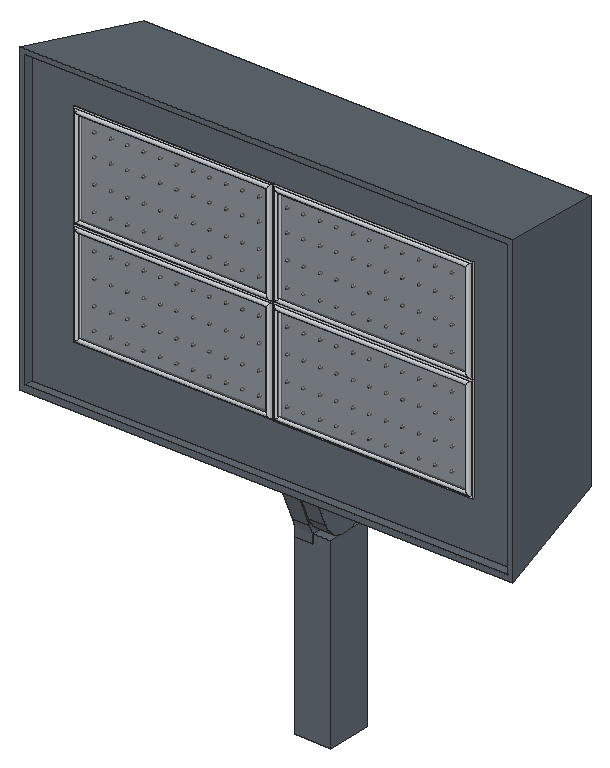
Revit family "RFL4", category Lighting Fixtures, host Face, Revit 2021
Family settings
  Host = Face
  Round Connector Dimension = Use Diameter
  Part Type = Normal
  OmniClass Number = 23.80.70.11.14.17
  OmniClass Title = Direct/Indirect
  Cut with Voids When Loaded = No
  Light Source = Yes
  Shared = Yes
  Room Calculation Point = No
Parameters (values of type "RFL4")
  Width 1 = 5.000"
  Width = 11.630"
  Watts = 120 W
  Wattage Comments = "120W"
  Wattage = 120 W
  Warranty = "5 years Warranty"  # constant formula
  built-in parameter 1150110 = 1 (stored number, unit not read)
  Voltage = 120 V
  URL = "https://www.currentlighting.com/exo"
  built-in parameter 1114217 = 1 (stored number, unit not read)
  Tilt Angle = 0.00°
  built-in parameter 1150109 = 1 (stored number, unit not read)
  built-in parameter 1150134 = 12
  built-in parameter 1150113 = 1 (stored number, unit not read)
  Screw = Metal - Gray
  Reflector Finish = White Glass
  Product Page URL = ""
  Product Doucmentation Link = ""
  Power Factor = 1
  Photometric Web File = "RFL4-176L-120-4K7-M.IES"
  Photometric Note = "For more ies file please find the above Photometric Web Link"
  Model = "RFL4"
  Manufacturer = "EXO"  # constant formula
  built-in parameter 1150105 = 1212.8 (stored number, unit not read)
  Lumens = 15240 lm
  built-in parameter 1150115 = 1 (stored number, unit not read)
  Load Classification = Lighting
  built-in parameter 1150137 = (empty or 0)
  built-in parameter 1150139 = (empty or 0)
  Length = 26.380"
  built-in parameter 1150112 = 1 (stored number, unit not read)
  built-in parameter 1150114 = 1 (stored number, unit not read)
  Lamp = "LED"  # constant formula
  LED_Finish = Glass  - White
  LED = RFL : RFL
  built-in parameter 1150132 = (empty or 0)
  built-in parameter 1150102 = (empty or 0)
  built-in parameter 1150107 = 4000 (stored number, unit not read)
  built-in parameter 1150138 = (empty or 0)
  built-in parameter 1150106 = 12.128 (stored number, unit not read)
  Housing Material = Paint -  Carbon Black
  Features = "Lumen range from 2,000 to 4,000 lm\r\n• Color Temperature 3000K, 4000K, 5000K at\r\n70 and 80 CRI\r\n• Yoke and Threaded Knuckle mounting options.\r\n• 6 beam distributions and beam angles\r\nincluding: Narrow 17°x17°, Medium 28°x27°,\r\nMedium Flood 62°x61°, Wide 79°x64°,\r\nHorizontal 54°x22°, and Vertical 22°x54°.\r\n• IP66 sealed optical and driver chamber"  # constant formula
  built-in parameter 1150104 = 11.799 (stored number, unit not read)
  Dimming Lamp Color Temperature Shift = <None>
  Description = "Compact LED flood with a variety of NEMA distribution for lighting applications such as safety/security, accent, flag pole, columns, or signs. The Ratio flood series was designed in cohesion with the site/area products to provide a sleek yet timeless product family to be used throughout a site. Ratio features a dense optical array which provides reduced pixelation and increased visual comfort without compromising performance"  # constant formula
  Default Elevation = 48.000"
  Copyright = "© EXO"  # constant formula
  Contact = ""
  Connector Description = "Lighting Connector"  # constant formula
  Color Filter = 16777215
  built-in parameter 1114216 [instance] = (empty or 0)
  Certifications = "UL 1598 Standard for Luminaires,IP66 certified."  # constant formula
  built-in parameter 1114218 = 1 (stored number, unit not read)
  built-in parameter 1150133 = 10 (stored number, unit not read)
  Assembly Code = "D5020200"
  Apparent Load = Watts / Power Factor  # 120 VA
Reference planes (in)
  plane 1 "Center (Front/Back)": y = 0
  plane 2: z = 0
  plane 3 "Center (Left/Right)": x = 0
  plane 4: z = 16
Forms (in)
  Extrusion 1, solid, material "Paint -  Carbon Black"
    sketch origin (0, 0.625, -1.01563) x (0, 1, 0) y (0, 0, 1)
      loop
        arc (0.18566, 6.45176) -> (0.25854, 6.21464) -> (0.28316, 5.96779) r 1.25
        line (0.28316, 5.96779) -> (0.28316, 1.01562) -> (1.53316, 1.01562) -> (1.53316, 6.29659)
        arc (1.53316, 6.29659) -> (1.50474, 6.98073) -> (1.41969, 7.66016) r 8.25
        line (1.41969, 7.66016) -> (1.37544, 7.9242)
        arc (1.37544, 7.9242) -> (0.43934, 8.33656) -> (-0.31632, 7.64714) r 0.93718
        line (-0.31632, 7.64714) -> (0.18566, 6.45176)
    from -0.25 to 0.25
  Revolve 2, solid, material "Metal - Gray" <- "Screw"
    sketch origin (0, 1.21196, 5.8496) x (1, 0, 0) y (0, 1, 0)
      loop
        line (-0.26448, 0.19804) -> (-0.23348, 0.19804) -> (-0.23348, 0.1667) -> (0.72665, 0.1667) -> (0.72665, 0.19804) -> (0.75805, 0.19804) -> (0.75805, 0.29889) -> (0.719, 0.29889) -> (0.719, 0.26805) -> (-0.219, 0.26805) -> (-0.219, 0.29889) -> (-0.26448, 0.29889) -> (-0.26448, 0.19804)
      axis (-0.26448, 0.1667) -> (0.75805, 0.1667)
    angle from 0 to 360
  Extrusion 3, solid, material "Paint -  Carbon Black"
    sketch origin (0, 0, 0) x (0, 1, 0) y (0, 0, 1)
      loop
        line (0.90816, 5.20284) -> (0.90816, 0) -> (2.15816, 0) -> (2.15816, 5.20284) -> (0.90816, 5.20284)
    from 0.25 to 0.75
Cuts and joins
  joined: Extrusion 1, Extrusion 3
Dimensions and locks (in)
  plane 4 to plane 2 = 16.000"  (x2)
  aligned and locked: plane 2 to host face
  aligned and locked: level to host face
Nested families (in)
  nested 1: "RFL" at (0.5, 0.73251, 7.31372) x (-1, 0, 0) z (0, 0, 1), type "RFL"
Connectors (in)
  electrical at (0.25, 1.53316, 0), driven by "Apparent Load", driven by "Voltage", driven by "Load Classification"
    settings: on cut or joined group of Extrusion 1, Extrusion 3, index 1, voltage 120 V, apparent load 120 VA, apparent load phase1 0 VA, apparent load phase2 0 VA, apparent load phase3 0 VA, power factor 1, load classification "Lighting", number of poles 1, system type 30, power factor state 1, is connector primary yes, connector utility no, sub classification motor no, connector description "Light Fixture Connector"
Definition of nested family "RFL"
  Parameters
    Width = 8.600"
    Length = 13.800"
    LED_Finish = none
    LED Base Plate = none
    LED = none
    Housing = none
    Default Elevation = 0.000"
    Case = none
  Reference planes (in)
    plane 1 "Center (Front/Back)": y = 0
    plane 2: z = 0
    plane 3 "Center (Left/Right)": x = 0
    plane 4: x = 6.9
    plane 5: x = -6.9
    plane 6: y = 4.3
    plane 7: y = -4.3
    plane 8: z = 8.6
  Forms (in)
    Extrusion 1, solid, material <- "Housing"
      sketch origin (0, 0.97332, -7.05511) x (0, 0.965926, 0.258819) y (0, -0.258819, 0.965926)
        loop
          arc (0.45546, 5.45514) -> (1.19712, 4.82087) -> (1.91281, 5.48431) r 0.73373
          line (1.91281, 5.48431) -> (2.08654, 7.29308) -> (0.18402, 7.44212) -> (0.45546, 5.45514)
      from -0.25 to 0.25
    Blend 2, solid, material <- "Housing"
      base sketch origin (0, 0, 2.3125) x (1, 0, 0) y (0, 0, 1)
        loop
          line (-6.86899, -2.3125) -> (6.9, -2.3125) -> (6.9, 6.2875) -> (-6.86899, 6.2875) -> (-6.86899, -2.3125)
      top sketch origin (0, 0, 2.3125) x (1, 0, 0) y (0, 0, 1)
        loop
          line (-6.25, 5.6375) -> (-6.25, -1.6625) -> (6.25, -1.6625) -> (6.25, 5.6375) -> (-6.25, 5.6375)
      from 1.75 to -1.75
    Extrusion 3, void
      sketch origin (0, 0, 0) x (1, 0, 0) y (0, 0, 1)
        loop
          line (-6.74325, 8.45607) -> (-6.74325, 0.16516) -> (6.77409, 0.16516) -> (6.77409, 8.45607) -> (-6.74325, 8.45607)
      from 1.75 to 1.49135
    Extrusion 4, solid, material <- "LED Base Plate"
      sketch origin (0, 0, 0) x (1, 0, 0) y (0, 0, 1)
        loop
          line (-5.41133, 4.68111) -> (-0.16904, 4.68111) -> (-0.16904, 7.32037) -> (-5.41133, 7.32037) -> (-5.41133, 4.68111)
      from 1.56737 to 1.49135
    Sweep 5, solid
      path origin (0, -1.48379, 0) x (1, 0, 0) y (0, 0, 1)
        loop
          line (-5.57144, 7.48047) -> (-5.57144, 4.52101) -> (-0.00894, 4.52101) -> (-0.00894, 7.48047) -> (-5.57144, 7.48047)
      profile origin (-2.79019, -1.48379, 7.48047) x (0, 0, 1) y (0, -1, 0)
        loop
          line (0, 0) -> (0, 0.03881) -> (-0.04662, 0.03881)
          arc (-0.04662, 0.03881) -> (-0.09916, 0.10354) -> (-0.1601, 0.04666) r 0.05701
          line (-0.1601, 0.04666) -> (-0.1601, 0) -> (0, 0)
    Revolve 6, solid, material <- "LED_Finish"
      sketch origin (-0.84375, 1.25709, 7.01274) x (1, 0, 0) y (0, 1, 0)
        loop
          line (-4.15296, -2.73985) -> (-4.15296, -2.82075)
          arc (-4.15296, -2.82075) -> (-4.12758, -2.81024) -> (-4.11707, -2.78486) r 0.03589
          line (-4.11707, -2.78486) -> (-4.11707, -2.73985) -> (-4.15296, -2.73985)
        axis (-4.15296, -2.73985) -> (-4.15296, -2.82075)
      angle from 0 to 360
    Revolve 7, solid, material <- "LED_Finish"
      sketch origin (-0.84375, 1.25709, 6.38774) x (1, 0, 0) y (0, 1, 0)
        loop
          line (-4.15296, -2.73985) -> (-4.15296, -2.82075)
          arc (-4.15296, -2.82075) -> (-4.12758, -2.81024) -> (-4.11707, -2.78486) r 0.03589
          line (-4.11707, -2.78486) -> (-4.11707, -2.73985) -> (-4.15296, -2.73985)
        axis (-4.15296, -2.73985) -> (-4.15296, -2.82075)
      angle from 0 to 360
    Revolve 8, solid, material <- "LED_Finish"
      sketch origin (-0.84375, 1.25709, 5.70024) x (1, 0, 0) y (0, 1, 0)
        loop
          line (-4.15296, -2.73985) -> (-4.15296, -2.82075)
          arc (-4.15296, -2.82075) -> (-4.12758, -2.81024) -> (-4.11707, -2.78486) r 0.03589
          line (-4.11707, -2.78486) -> (-4.11707, -2.73985) -> (-4.15296, -2.73985)
        axis (-4.15296, -2.73985) -> (-4.15296, -2.82075)
      angle from 0 to 360
    Revolve 9, solid, material <- "LED_Finish"
      sketch origin (-0.84375, 1.25709, 5.01274) x (1, 0, 0) y (0, 1, 0)
        loop
          line (-4.15296, -2.73985) -> (-4.15296, -2.82075)
          arc (-4.15296, -2.82075) -> (-4.12758, -2.81024) -> (-4.11707, -2.78486) r 0.03589
          line (-4.11707, -2.78486) -> (-4.11707, -2.73985) -> (-4.15296, -2.73985)
        axis (-4.15296, -2.73985) -> (-4.15296, -2.82075)
      angle from 0 to 360
    Revolve 10, solid, material <- "LED_Finish"
      sketch origin (3.7584, 1.25709, 7.01274) x (1, 0, 0) y (0, 1, 0)
        loop
          line (-4.15296, -2.73985) -> (-4.15296, -2.82075)
          arc (-4.15296, -2.82075) -> (-4.12758, -2.81024) -> (-4.11707, -2.78486) r 0.03589
          line (-4.11707, -2.78486) -> (-4.11707, -2.73985) -> (-4.15296, -2.73985)
        axis (-4.15296, -2.73985) -> (-4.15296, -2.82075)
      angle from 0 to 360
    Revolve 11, solid, material <- "LED_Finish"
      sketch origin (3.7584, 1.25709, 6.38774) x (1, 0, 0) y (0, 1, 0)
        loop
          line (-4.15296, -2.73985) -> (-4.15296, -2.82075)
          arc (-4.15296, -2.82075) -> (-4.12758, -2.81024) -> (-4.11707, -2.78486) r 0.03589
          line (-4.11707, -2.78486) -> (-4.11707, -2.73985) -> (-4.15296, -2.73985)
        axis (-4.15296, -2.73985) -> (-4.15296, -2.82075)
      angle from 0 to 360
    Revolve 12, solid, material <- "LED_Finish"
      sketch origin (3.7584, 1.25709, 5.70024) x (1, 0, 0) y (0, 1, 0)
        loop
          line (-4.15296, -2.73985) -> (-4.15296, -2.82075)
          arc (-4.15296, -2.82075) -> (-4.12758, -2.81024) -> (-4.11707, -2.78486) r 0.03589
          line (-4.11707, -2.78486) -> (-4.11707, -2.73985) -> (-4.15296, -2.73985)
        axis (-4.15296, -2.73985) -> (-4.15296, -2.82075)
      angle from 0 to 360
    Revolve 13, solid, material <- "LED_Finish"
      sketch origin (3.7584, 1.25709, 5.01274) x (1, 0, 0) y (0, 1, 0)
        loop
          line (-4.15296, -2.73985) -> (-4.15296, -2.82075)
          arc (-4.15296, -2.82075) -> (-4.12758, -2.81024) -> (-4.11707, -2.78486) r 0.03589
          line (-4.11707, -2.78486) -> (-4.11707, -2.73985) -> (-4.15296, -2.73985)
        axis (-4.15296, -2.73985) -> (-4.15296, -2.82075)
      angle from 0 to 360
    Revolve 14, solid, material <- "LED_Finish"
      sketch origin (-0.38354, 1.25709, 7.01274) x (1, 0, 0) y (0, 1, 0)
        loop
          line (-4.15296, -2.73985) -> (-4.15296, -2.82075)
          arc (-4.15296, -2.82075) -> (-4.12758, -2.81024) -> (-4.11707, -2.78486) r 0.03589
          line (-4.11707, -2.78486) -> (-4.11707, -2.73985) -> (-4.15296, -2.73985)
        axis (-4.15296, -2.73985) -> (-4.15296, -2.82075)
      angle from 0 to 360
    Revolve 15, solid, material <- "LED_Finish"
      sketch origin (-0.38354, 1.25709, 6.38774) x (1, 0, 0) y (0, 1, 0)
        loop
          line (-4.15296, -2.73985) -> (-4.15296, -2.82075)
          arc (-4.15296, -2.82075) -> (-4.12758, -2.81024) -> (-4.11707, -2.78486) r 0.03589
          line (-4.11707, -2.78486) -> (-4.11707, -2.73985) -> (-4.15296, -2.73985)
        axis (-4.15296, -2.73985) -> (-4.15296, -2.82075)
      angle from 0 to 360
    Revolve 16, solid, material <- "LED_Finish"
      sketch origin (-0.38354, 1.25709, 5.70024) x (1, 0, 0) y (0, 1, 0)
        loop
          line (-4.15296, -2.73985) -> (-4.15296, -2.82075)
          arc (-4.15296, -2.82075) -> (-4.12758, -2.81024) -> (-4.11707, -2.78486) r 0.03589
          line (-4.11707, -2.78486) -> (-4.11707, -2.73985) -> (-4.15296, -2.73985)
        axis (-4.15296, -2.73985) -> (-4.15296, -2.82075)
      angle from 0 to 360
    Revolve 17, solid, material <- "LED_Finish"
      sketch origin (-0.38354, 1.25709, 5.01274) x (1, 0, 0) y (0, 1, 0)
        loop
          line (-4.15296, -2.73985) -> (-4.15296, -2.82075)
          arc (-4.15296, -2.82075) -> (-4.12758, -2.81024) -> (-4.11707, -2.78486) r 0.03589
          line (-4.11707, -2.78486) -> (-4.11707, -2.73985) -> (-4.15296, -2.73985)
        axis (-4.15296, -2.73985) -> (-4.15296, -2.82075)
      angle from 0 to 360
    Revolve 18, solid, material <- "LED_Finish"
      sketch origin (0.07668, 1.25709, 7.01274) x (1, 0, 0) y (0, 1, 0)
        loop
          line (-4.15296, -2.73985) -> (-4.15296, -2.82075)
          arc (-4.15296, -2.82075) -> (-4.12758, -2.81024) -> (-4.11707, -2.78486) r 0.03589
          line (-4.11707, -2.78486) -> (-4.11707, -2.73985) -> (-4.15296, -2.73985)
        axis (-4.15296, -2.73985) -> (-4.15296, -2.82075)
      angle from 0 to 360
    Revolve 19, solid, material <- "LED_Finish"
      sketch origin (0.07668, 1.25709, 6.38774) x (1, 0, 0) y (0, 1, 0)
        loop
          line (-4.15296, -2.73985) -> (-4.15296, -2.82075)
          arc (-4.15296, -2.82075) -> (-4.12758, -2.81024) -> (-4.11707, -2.78486) r 0.03589
          line (-4.11707, -2.78486) -> (-4.11707, -2.73985) -> (-4.15296, -2.73985)
        axis (-4.15296, -2.73985) -> (-4.15296, -2.82075)
      angle from 0 to 360
    Revolve 20, solid, material <- "LED_Finish"
      sketch origin (0.07668, 1.25709, 5.70024) x (1, 0, 0) y (0, 1, 0)
        loop
          line (-4.15296, -2.73985) -> (-4.15296, -2.82075)
          arc (-4.15296, -2.82075) -> (-4.12758, -2.81024) -> (-4.11707, -2.78486) r 0.03589
          line (-4.11707, -2.78486) -> (-4.11707, -2.73985) -> (-4.15296, -2.73985)
        axis (-4.15296, -2.73985) -> (-4.15296, -2.82075)
      angle from 0 to 360
    Revolve 21, solid, material <- "LED_Finish"
      sketch origin (0.07668, 1.25709, 5.01274) x (1, 0, 0) y (0, 1, 0)
        loop
          line (-4.15296, -2.73985) -> (-4.15296, -2.82075)
          arc (-4.15296, -2.82075) -> (-4.12758, -2.81024) -> (-4.11707, -2.78486) r 0.03589
          line (-4.11707, -2.78486) -> (-4.11707, -2.73985) -> (-4.15296, -2.73985)
        axis (-4.15296, -2.73985) -> (-4.15296, -2.82075)
      angle from 0 to 360
    Revolve 22, solid, material <- "LED_Finish"
      sketch origin (0.53689, 1.25709, 7.01274) x (1, 0, 0) y (0, 1, 0)
        loop
          line (-4.15296, -2.73985) -> (-4.15296, -2.82075)
          arc (-4.15296, -2.82075) -> (-4.12758, -2.81024) -> (-4.11707, -2.78486) r 0.03589
          line (-4.11707, -2.78486) -> (-4.11707, -2.73985) -> (-4.15296, -2.73985)
        axis (-4.15296, -2.73985) -> (-4.15296, -2.82075)
      angle from 0 to 360
    Revolve 23, solid, material <- "LED_Finish"
      sketch origin (0.53689, 1.25709, 6.38774) x (1, 0, 0) y (0, 1, 0)
        loop
          line (-4.15296, -2.73985) -> (-4.15296, -2.82075)
          arc (-4.15296, -2.82075) -> (-4.12758, -2.81024) -> (-4.11707, -2.78486) r 0.03589
          line (-4.11707, -2.78486) -> (-4.11707, -2.73985) -> (-4.15296, -2.73985)
        axis (-4.15296, -2.73985) -> (-4.15296, -2.82075)
      angle from 0 to 360
    Revolve 24, solid, material <- "LED_Finish"
      sketch origin (0.53689, 1.25709, 5.70024) x (1, 0, 0) y (0, 1, 0)
        loop
          line (-4.15296, -2.73985) -> (-4.15296, -2.82075)
          arc (-4.15296, -2.82075) -> (-4.12758, -2.81024) -> (-4.11707, -2.78486) r 0.03589
          line (-4.11707, -2.78486) -> (-4.11707, -2.73985) -> (-4.15296, -2.73985)
        axis (-4.15296, -2.73985) -> (-4.15296, -2.82075)
      angle from 0 to 360
    Revolve 25, solid, material <- "LED_Finish"
      sketch origin (0.53689, 1.25709, 5.01274) x (1, 0, 0) y (0, 1, 0)
        loop
          line (-4.15296, -2.73985) -> (-4.15296, -2.82075)
          arc (-4.15296, -2.82075) -> (-4.12758, -2.81024) -> (-4.11707, -2.78486) r 0.03589
          line (-4.11707, -2.78486) -> (-4.11707, -2.73985) -> (-4.15296, -2.73985)
        axis (-4.15296, -2.73985) -> (-4.15296, -2.82075)
      angle from 0 to 360
    Revolve 26, solid, material <- "LED_Finish"
      sketch origin (0.99711, 1.25709, 7.01274) x (1, 0, 0) y (0, 1, 0)
        loop
          line (-4.15296, -2.73985) -> (-4.15296, -2.82075)
          arc (-4.15296, -2.82075) -> (-4.12758, -2.81024) -> (-4.11707, -2.78486) r 0.03589
          line (-4.11707, -2.78486) -> (-4.11707, -2.73985) -> (-4.15296, -2.73985)
        axis (-4.15296, -2.73985) -> (-4.15296, -2.82075)
      angle from 0 to 360
    Revolve 27, solid, material <- "LED_Finish"
      sketch origin (0.99711, 1.25709, 6.38774) x (1, 0, 0) y (0, 1, 0)
        loop
          line (-4.15296, -2.73985) -> (-4.15296, -2.82075)
          arc (-4.15296, -2.82075) -> (-4.12758, -2.81024) -> (-4.11707, -2.78486) r 0.03589
          line (-4.11707, -2.78486) -> (-4.11707, -2.73985) -> (-4.15296, -2.73985)
        axis (-4.15296, -2.73985) -> (-4.15296, -2.82075)
      angle from 0 to 360
    Revolve 28, solid, material <- "LED_Finish"
      sketch origin (0.99711, 1.25709, 5.70024) x (1, 0, 0) y (0, 1, 0)
        loop
          line (-4.15296, -2.73985) -> (-4.15296, -2.82075)
          arc (-4.15296, -2.82075) -> (-4.12758, -2.81024) -> (-4.11707, -2.78486) r 0.03589
          line (-4.11707, -2.78486) -> (-4.11707, -2.73985) -> (-4.15296, -2.73985)
        axis (-4.15296, -2.73985) -> (-4.15296, -2.82075)
      angle from 0 to 360
    Revolve 29, solid, material <- "LED_Finish"
      sketch origin (0.99711, 1.25709, 5.01274) x (1, 0, 0) y (0, 1, 0)
        loop
          line (-4.15296, -2.73985) -> (-4.15296, -2.82075)
          arc (-4.15296, -2.82075) -> (-4.12758, -2.81024) -> (-4.11707, -2.78486) r 0.03589
          line (-4.11707, -2.78486) -> (-4.11707, -2.73985) -> (-4.15296, -2.73985)
        axis (-4.15296, -2.73985) -> (-4.15296, -2.82075)
      angle from 0 to 360
    Revolve 30, solid, material <- "LED_Finish"
      sketch origin (1.45732, 1.25709, 7.01274) x (1, 0, 0) y (0, 1, 0)
        loop
          line (-4.15296, -2.73985) -> (-4.15296, -2.82075)
          arc (-4.15296, -2.82075) -> (-4.12758, -2.81024) -> (-4.11707, -2.78486) r 0.03589
          line (-4.11707, -2.78486) -> (-4.11707, -2.73985) -> (-4.15296, -2.73985)
        axis (-4.15296, -2.73985) -> (-4.15296, -2.82075)
      angle from 0 to 360
    Revolve 31, solid, material <- "LED_Finish"
      sketch origin (1.45732, 1.25709, 6.38774) x (1, 0, 0) y (0, 1, 0)
        loop
          line (-4.15296, -2.73985) -> (-4.15296, -2.82075)
          arc (-4.15296, -2.82075) -> (-4.12758, -2.81024) -> (-4.11707, -2.78486) r 0.03589
          line (-4.11707, -2.78486) -> (-4.11707, -2.73985) -> (-4.15296, -2.73985)
        axis (-4.15296, -2.73985) -> (-4.15296, -2.82075)
      angle from 0 to 360
    Revolve 32, solid, material <- "LED_Finish"
      sketch origin (1.45732, 1.25709, 5.70024) x (1, 0, 0) y (0, 1, 0)
        loop
          line (-4.15296, -2.73985) -> (-4.15296, -2.82075)
          arc (-4.15296, -2.82075) -> (-4.12758, -2.81024) -> (-4.11707, -2.78486) r 0.03589
          line (-4.11707, -2.78486) -> (-4.11707, -2.73985) -> (-4.15296, -2.73985)
        axis (-4.15296, -2.73985) -> (-4.15296, -2.82075)
      angle from 0 to 360
    Revolve 33, solid, material <- "LED_Finish"
      sketch origin (1.45732, 1.25709, 5.01274) x (1, 0, 0) y (0, 1, 0)
        loop
          line (-4.15296, -2.73985) -> (-4.15296, -2.82075)
          arc (-4.15296, -2.82075) -> (-4.12758, -2.81024) -> (-4.11707, -2.78486) r 0.03589
          line (-4.11707, -2.78486) -> (-4.11707, -2.73985) -> (-4.15296, -2.73985)
        axis (-4.15296, -2.73985) -> (-4.15296, -2.82075)
      angle from 0 to 360
    Revolve 34, solid, material <- "LED_Finish"
      sketch origin (1.91754, 1.25709, 7.01274) x (1, 0, 0) y (0, 1, 0)
        loop
          line (-4.15296, -2.73985) -> (-4.15296, -2.82075)
          arc (-4.15296, -2.82075) -> (-4.12758, -2.81024) -> (-4.11707, -2.78486) r 0.03589
          line (-4.11707, -2.78486) -> (-4.11707, -2.73985) -> (-4.15296, -2.73985)
        axis (-4.15296, -2.73985) -> (-4.15296, -2.82075)
      angle from 0 to 360
    Revolve 35, solid, material <- "LED_Finish"
      sketch origin (1.91754, 1.25709, 6.38774) x (1, 0, 0) y (0, 1, 0)
        loop
          line (-4.15296, -2.73985) -> (-4.15296, -2.82075)
          arc (-4.15296, -2.82075) -> (-4.12758, -2.81024) -> (-4.11707, -2.78486) r 0.03589
          line (-4.11707, -2.78486) -> (-4.11707, -2.73985) -> (-4.15296, -2.73985)
        axis (-4.15296, -2.73985) -> (-4.15296, -2.82075)
      angle from 0 to 360
    Revolve 36, solid, material <- "LED_Finish"
      sketch origin (1.91754, 1.25709, 5.70024) x (1, 0, 0) y (0, 1, 0)
        loop
          line (-4.15296, -2.73985) -> (-4.15296, -2.82075)
          arc (-4.15296, -2.82075) -> (-4.12758, -2.81024) -> (-4.11707, -2.78486) r 0.03589
          line (-4.11707, -2.78486) -> (-4.11707, -2.73985) -> (-4.15296, -2.73985)
        axis (-4.15296, -2.73985) -> (-4.15296, -2.82075)
      angle from 0 to 360
    Revolve 37, solid, material <- "LED_Finish"
      sketch origin (1.91754, 1.25709, 5.01274) x (1, 0, 0) y (0, 1, 0)
        loop
          line (-4.15296, -2.73985) -> (-4.15296, -2.82075)
          arc (-4.15296, -2.82075) -> (-4.12758, -2.81024) -> (-4.11707, -2.78486) r 0.03589
          line (-4.11707, -2.78486) -> (-4.11707, -2.73985) -> (-4.15296, -2.73985)
        axis (-4.15296, -2.73985) -> (-4.15296, -2.82075)
      angle from 0 to 360
    Revolve 38, solid, material <- "LED_Finish"
      sketch origin (2.37775, 1.25709, 7.01274) x (1, 0, 0) y (0, 1, 0)
        loop
          line (-4.15296, -2.73985) -> (-4.15296, -2.82075)
          arc (-4.15296, -2.82075) -> (-4.12758, -2.81024) -> (-4.11707, -2.78486) r 0.03589
          line (-4.11707, -2.78486) -> (-4.11707, -2.73985) -> (-4.15296, -2.73985)
        axis (-4.15296, -2.73985) -> (-4.15296, -2.82075)
      angle from 0 to 360
    Revolve 39, solid, material <- "LED_Finish"
      sketch origin (2.37775, 1.25709, 6.38774) x (1, 0, 0) y (0, 1, 0)
        loop
          line (-4.15296, -2.73985) -> (-4.15296, -2.82075)
          arc (-4.15296, -2.82075) -> (-4.12758, -2.81024) -> (-4.11707, -2.78486) r 0.03589
          line (-4.11707, -2.78486) -> (-4.11707, -2.73985) -> (-4.15296, -2.73985)
        axis (-4.15296, -2.73985) -> (-4.15296, -2.82075)
      angle from 0 to 360
    Revolve 40, solid, material <- "LED_Finish"
      sketch origin (2.37775, 1.25709, 5.70024) x (1, 0, 0) y (0, 1, 0)
        loop
          line (-4.15296, -2.73985) -> (-4.15296, -2.82075)
          arc (-4.15296, -2.82075) -> (-4.12758, -2.81024) -> (-4.11707, -2.78486) r 0.03589
          line (-4.11707, -2.78486) -> (-4.11707, -2.73985) -> (-4.15296, -2.73985)
        axis (-4.15296, -2.73985) -> (-4.15296, -2.82075)
      angle from 0 to 360
    Revolve 41, solid, material <- "LED_Finish"
      sketch origin (2.37775, 1.25709, 5.01274) x (1, 0, 0) y (0, 1, 0)
        loop
          line (-4.15296, -2.73985) -> (-4.15296, -2.82075)
          arc (-4.15296, -2.82075) -> (-4.12758, -2.81024) -> (-4.11707, -2.78486) r 0.03589
          line (-4.11707, -2.78486) -> (-4.11707, -2.73985) -> (-4.15296, -2.73985)
        axis (-4.15296, -2.73985) -> (-4.15296, -2.82075)
      angle from 0 to 360
    Revolve 42, solid, material <- "LED_Finish"
      sketch origin (2.83797, 1.25709, 7.01274) x (1, 0, 0) y (0, 1, 0)
        loop
          line (-4.15296, -2.73985) -> (-4.15296, -2.82075)
          arc (-4.15296, -2.82075) -> (-4.12758, -2.81024) -> (-4.11707, -2.78486) r 0.03589
          line (-4.11707, -2.78486) -> (-4.11707, -2.73985) -> (-4.15296, -2.73985)
        axis (-4.15296, -2.73985) -> (-4.15296, -2.82075)
      angle from 0 to 360
    Revolve 43, solid, material <- "LED_Finish"
      sketch origin (2.83797, 1.25709, 6.38774) x (1, 0, 0) y (0, 1, 0)
        loop
          line (-4.15296, -2.73985) -> (-4.15296, -2.82075)
          arc (-4.15296, -2.82075) -> (-4.12758, -2.81024) -> (-4.11707, -2.78486) r 0.03589
          line (-4.11707, -2.78486) -> (-4.11707, -2.73985) -> (-4.15296, -2.73985)
        axis (-4.15296, -2.73985) -> (-4.15296, -2.82075)
      angle from 0 to 360
    Revolve 44, solid, material <- "LED_Finish"
      sketch origin (2.83797, 1.25709, 5.70024) x (1, 0, 0) y (0, 1, 0)
        loop
          line (-4.15296, -2.73985) -> (-4.15296, -2.82075)
          arc (-4.15296, -2.82075) -> (-4.12758, -2.81024) -> (-4.11707, -2.78486) r 0.03589
          line (-4.11707, -2.78486) -> (-4.11707, -2.73985) -> (-4.15296, -2.73985)
        axis (-4.15296, -2.73985) -> (-4.15296, -2.82075)
      angle from 0 to 360
    Revolve 45, solid, material <- "LED_Finish"
      sketch origin (2.83797, 1.25709, 5.01274) x (1, 0, 0) y (0, 1, 0)
        loop
          line (-4.15296, -2.73985) -> (-4.15296, -2.82075)
          arc (-4.15296, -2.82075) -> (-4.12758, -2.81024) -> (-4.11707, -2.78486) r 0.03589
          line (-4.11707, -2.78486) -> (-4.11707, -2.73985) -> (-4.15296, -2.73985)
        axis (-4.15296, -2.73985) -> (-4.15296, -2.82075)
      angle from 0 to 360
    Revolve 46, solid, material <- "LED_Finish"
      sketch origin (3.29818, 1.25709, 7.01274) x (1, 0, 0) y (0, 1, 0)
        loop
          line (-4.15296, -2.73985) -> (-4.15296, -2.82075)
          arc (-4.15296, -2.82075) -> (-4.12758, -2.81024) -> (-4.11707, -2.78486) r 0.03589
          line (-4.11707, -2.78486) -> (-4.11707, -2.73985) -> (-4.15296, -2.73985)
        axis (-4.15296, -2.73985) -> (-4.15296, -2.82075)
      angle from 0 to 360
    Revolve 47, solid, material <- "LED_Finish"
      sketch origin (3.29818, 1.25709, 6.38774) x (1, 0, 0) y (0, 1, 0)
        loop
          line (-4.15296, -2.73985) -> (-4.15296, -2.82075)
          arc (-4.15296, -2.82075) -> (-4.12758, -2.81024) -> (-4.11707, -2.78486) r 0.03589
          line (-4.11707, -2.78486) -> (-4.11707, -2.73985) -> (-4.15296, -2.73985)
        axis (-4.15296, -2.73985) -> (-4.15296, -2.82075)
      angle from 0 to 360
    Revolve 48, solid, material <- "LED_Finish"
      sketch origin (3.29818, 1.25709, 5.70024) x (1, 0, 0) y (0, 1, 0)
        loop
          line (-4.15296, -2.73985) -> (-4.15296, -2.82075)
          arc (-4.15296, -2.82075) -> (-4.12758, -2.81024) -> (-4.11707, -2.78486) r 0.03589
          line (-4.11707, -2.78486) -> (-4.11707, -2.73985) -> (-4.15296, -2.73985)
        axis (-4.15296, -2.73985) -> (-4.15296, -2.82075)
      angle from 0 to 360
    Revolve 49, solid, material <- "LED_Finish"
      sketch origin (3.29818, 1.25709, 5.01274) x (1, 0, 0) y (0, 1, 0)
        loop
          line (-4.15296, -2.73985) -> (-4.15296, -2.82075)
          arc (-4.15296, -2.82075) -> (-4.12758, -2.81024) -> (-4.11707, -2.78486) r 0.03589
          line (-4.11707, -2.78486) -> (-4.11707, -2.73985) -> (-4.15296, -2.73985)
        axis (-4.15296, -2.73985) -> (-4.15296, -2.82075)
      angle from 0 to 360
    Extrusion 50, solid, material <- "LED Base Plate"
      sketch origin (0, 0, 0) x (-1, 0, 0) y (0, 0, -1)
        loop
          line (-5.41133, -4.68111) -> (-5.41133, -7.32037) -> (-0.16904, -7.32037) -> (-0.16904, -4.68111) -> (-5.41133, -4.68111)
      from 1.56737 to 1.49135
    Sweep 51, solid
      path origin (0, -1.48379, 0) x (-1, 0, 0) y (0, 0, -1)
        loop
          line (-5.57144, -7.48047) -> (-0.00894, -7.48047) -> (-0.00894, -4.52101) -> (-5.57144, -4.52101) -> (-5.57144, -7.48047)
      profile origin (2.79019, -1.48379, 7.48047) x (0, 0, -1) y (0, -1, 0)
        loop
          line (0, 0) -> (0.1601, 0) -> (0.1601, 0.04666)
          arc (0.1601, 0.04666) -> (0.09916, 0.10354) -> (0.04662, 0.03881) r 0.05701
          line (0.04662, 0.03881) -> (0, 0.03881) -> (0, 0)
    Revolve 52, solid, material <- "LED_Finish"
      sketch origin (0.84375, 1.25709, 7.01274) x (-1, 0, 0) y (0, -1, 0)
        loop
          line (-4.15296, 2.73985) -> (-4.11707, 2.73985) -> (-4.11707, 2.78486)
          arc (-4.11707, 2.78486) -> (-4.12758, 2.81024) -> (-4.15296, 2.82075) r 0.03589
          line (-4.15296, 2.82075) -> (-4.15296, 2.73985)
        axis (-4.15296, 2.73985) -> (-4.15296, 2.82075)
      angle from 0 to 360
    Revolve 53, solid, material <- "LED_Finish"
      sketch origin (0.84375, 1.25709, 6.38774) x (-1, 0, 0) y (0, -1, 0)
        loop
          line (-4.15296, 2.73985) -> (-4.11707, 2.73985) -> (-4.11707, 2.78486)
          arc (-4.11707, 2.78486) -> (-4.12758, 2.81024) -> (-4.15296, 2.82075) r 0.03589
          line (-4.15296, 2.82075) -> (-4.15296, 2.73985)
        axis (-4.15296, 2.73985) -> (-4.15296, 2.82075)
      angle from 0 to 360
    Revolve 54, solid, material <- "LED_Finish"
      sketch origin (0.84375, 1.25709, 5.70024) x (-1, 0, 0) y (0, -1, 0)
        loop
          line (-4.15296, 2.73985) -> (-4.11707, 2.73985) -> (-4.11707, 2.78486)
          arc (-4.11707, 2.78486) -> (-4.12758, 2.81024) -> (-4.15296, 2.82075) r 0.03589
          line (-4.15296, 2.82075) -> (-4.15296, 2.73985)
        axis (-4.15296, 2.73985) -> (-4.15296, 2.82075)
      angle from 0 to 360
    Revolve 55, solid, material <- "LED_Finish"
      sketch origin (0.84375, 1.25709, 5.01274) x (-1, 0, 0) y (0, -1, 0)
        loop
          line (-4.15296, 2.73985) -> (-4.11707, 2.73985) -> (-4.11707, 2.78486)
          arc (-4.11707, 2.78486) -> (-4.12758, 2.81024) -> (-4.15296, 2.82075) r 0.03589
          line (-4.15296, 2.82075) -> (-4.15296, 2.73985)
        axis (-4.15296, 2.73985) -> (-4.15296, 2.82075)
      angle from 0 to 360
    Revolve 56, solid, material <- "LED_Finish"
      sketch origin (-3.7584, 1.25709, 7.01274) x (-1, 0, 0) y (0, -1, 0)
        loop
          line (-4.15296, 2.73985) -> (-4.11707, 2.73985) -> (-4.11707, 2.78486)
          arc (-4.11707, 2.78486) -> (-4.12758, 2.81024) -> (-4.15296, 2.82075) r 0.03589
          line (-4.15296, 2.82075) -> (-4.15296, 2.73985)
        axis (-4.15296, 2.73985) -> (-4.15296, 2.82075)
      angle from 0 to 360
    Revolve 57, solid, material <- "LED_Finish"
      sketch origin (-3.7584, 1.25709, 6.38774) x (-1, 0, 0) y (0, -1, 0)
        loop
          line (-4.15296, 2.73985) -> (-4.11707, 2.73985) -> (-4.11707, 2.78486)
          arc (-4.11707, 2.78486) -> (-4.12758, 2.81024) -> (-4.15296, 2.82075) r 0.03589
          line (-4.15296, 2.82075) -> (-4.15296, 2.73985)
        axis (-4.15296, 2.73985) -> (-4.15296, 2.82075)
      angle from 0 to 360
    Revolve 58, solid, material <- "LED_Finish"
      sketch origin (-3.7584, 1.25709, 5.70024) x (-1, 0, 0) y (0, -1, 0)
        loop
          line (-4.15296, 2.73985) -> (-4.11707, 2.73985) -> (-4.11707, 2.78486)
          arc (-4.11707, 2.78486) -> (-4.12758, 2.81024) -> (-4.15296, 2.82075) r 0.03589
          line (-4.15296, 2.82075) -> (-4.15296, 2.73985)
        axis (-4.15296, 2.73985) -> (-4.15296, 2.82075)
      angle from 0 to 360
    Revolve 59, solid, material <- "LED_Finish"
      sketch origin (-3.7584, 1.25709, 5.01274) x (-1, 0, 0) y (0, -1, 0)
        loop
          line (-4.15296, 2.73985) -> (-4.11707, 2.73985) -> (-4.11707, 2.78486)
          arc (-4.11707, 2.78486) -> (-4.12758, 2.81024) -> (-4.15296, 2.82075) r 0.03589
          line (-4.15296, 2.82075) -> (-4.15296, 2.73985)
        axis (-4.15296, 2.73985) -> (-4.15296, 2.82075)
      angle from 0 to 360
    Revolve 60, solid, material <- "LED_Finish"
      sketch origin (0.38354, 1.25709, 7.01274) x (-1, 0, 0) y (0, -1, 0)
        loop
          line (-4.15296, 2.73985) -> (-4.11707, 2.73985) -> (-4.11707, 2.78486)
          arc (-4.11707, 2.78486) -> (-4.12758, 2.81024) -> (-4.15296, 2.82075) r 0.03589
          line (-4.15296, 2.82075) -> (-4.15296, 2.73985)
        axis (-4.15296, 2.73985) -> (-4.15296, 2.82075)
      angle from 0 to 360
    Revolve 61, solid, material <- "LED_Finish"
      sketch origin (0.38354, 1.25709, 6.38774) x (-1, 0, 0) y (0, -1, 0)
        loop
          line (-4.15296, 2.73985) -> (-4.11707, 2.73985) -> (-4.11707, 2.78486)
          arc (-4.11707, 2.78486) -> (-4.12758, 2.81024) -> (-4.15296, 2.82075) r 0.03589
          line (-4.15296, 2.82075) -> (-4.15296, 2.73985)
        axis (-4.15296, 2.73985) -> (-4.15296, 2.82075)
      angle from 0 to 360
    Revolve 62, solid, material <- "LED_Finish"
      sketch origin (0.38354, 1.25709, 5.70024) x (-1, 0, 0) y (0, -1, 0)
        loop
          line (-4.15296, 2.73985) -> (-4.11707, 2.73985) -> (-4.11707, 2.78486)
          arc (-4.11707, 2.78486) -> (-4.12758, 2.81024) -> (-4.15296, 2.82075) r 0.03589
          line (-4.15296, 2.82075) -> (-4.15296, 2.73985)
        axis (-4.15296, 2.73985) -> (-4.15296, 2.82075)
      angle from 0 to 360
    Revolve 63, solid, material <- "LED_Finish"
      sketch origin (0.38354, 1.25709, 5.01274) x (-1, 0, 0) y (0, -1, 0)
        loop
          line (-4.15296, 2.73985) -> (-4.11707, 2.73985) -> (-4.11707, 2.78486)
          arc (-4.11707, 2.78486) -> (-4.12758, 2.81024) -> (-4.15296, 2.82075) r 0.03589
          line (-4.15296, 2.82075) -> (-4.15296, 2.73985)
        axis (-4.15296, 2.73985) -> (-4.15296, 2.82075)
      angle from 0 to 360
    Revolve 64, solid, material <- "LED_Finish"
      sketch origin (-0.07668, 1.25709, 7.01274) x (-1, 0, 0) y (0, -1, 0)
        loop
          line (-4.15296, 2.73985) -> (-4.11707, 2.73985) -> (-4.11707, 2.78486)
          arc (-4.11707, 2.78486) -> (-4.12758, 2.81024) -> (-4.15296, 2.82075) r 0.03589
          line (-4.15296, 2.82075) -> (-4.15296, 2.73985)
        axis (-4.15296, 2.73985) -> (-4.15296, 2.82075)
      angle from 0 to 360
    Revolve 65, solid, material <- "LED_Finish"
      sketch origin (-0.07668, 1.25709, 6.38774) x (-1, 0, 0) y (0, -1, 0)
        loop
          line (-4.15296, 2.73985) -> (-4.11707, 2.73985) -> (-4.11707, 2.78486)
          arc (-4.11707, 2.78486) -> (-4.12758, 2.81024) -> (-4.15296, 2.82075) r 0.03589
          line (-4.15296, 2.82075) -> (-4.15296, 2.73985)
        axis (-4.15296, 2.73985) -> (-4.15296, 2.82075)
      angle from 0 to 360
    Revolve 66, solid, material <- "LED_Finish"
      sketch origin (-0.07668, 1.25709, 5.70024) x (-1, 0, 0) y (0, -1, 0)
        loop
          line (-4.15296, 2.73985) -> (-4.11707, 2.73985) -> (-4.11707, 2.78486)
          arc (-4.11707, 2.78486) -> (-4.12758, 2.81024) -> (-4.15296, 2.82075) r 0.03589
          line (-4.15296, 2.82075) -> (-4.15296, 2.73985)
        axis (-4.15296, 2.73985) -> (-4.15296, 2.82075)
      angle from 0 to 360
    Revolve 67, solid, material <- "LED_Finish"
      sketch origin (-0.07668, 1.25709, 5.01274) x (-1, 0, 0) y (0, -1, 0)
        loop
          line (-4.15296, 2.73985) -> (-4.11707, 2.73985) -> (-4.11707, 2.78486)
          arc (-4.11707, 2.78486) -> (-4.12758, 2.81024) -> (-4.15296, 2.82075) r 0.03589
          line (-4.15296, 2.82075) -> (-4.15296, 2.73985)
        axis (-4.15296, 2.73985) -> (-4.15296, 2.82075)
      angle from 0 to 360
    Revolve 68, solid, material <- "LED_Finish"
      sketch origin (-0.53689, 1.25709, 7.01274) x (-1, 0, 0) y (0, -1, 0)
        loop
          line (-4.15296, 2.73985) -> (-4.11707, 2.73985) -> (-4.11707, 2.78486)
          arc (-4.11707, 2.78486) -> (-4.12758, 2.81024) -> (-4.15296, 2.82075) r 0.03589
          line (-4.15296, 2.82075) -> (-4.15296, 2.73985)
        axis (-4.15296, 2.73985) -> (-4.15296, 2.82075)
      angle from 0 to 360
    Revolve 69, solid, material <- "LED_Finish"
      sketch origin (-0.53689, 1.25709, 6.38774) x (-1, 0, 0) y (0, -1, 0)
        loop
          line (-4.15296, 2.73985) -> (-4.11707, 2.73985) -> (-4.11707, 2.78486)
          arc (-4.11707, 2.78486) -> (-4.12758, 2.81024) -> (-4.15296, 2.82075) r 0.03589
          line (-4.15296, 2.82075) -> (-4.15296, 2.73985)
        axis (-4.15296, 2.73985) -> (-4.15296, 2.82075)
      angle from 0 to 360
    Revolve 70, solid, material <- "LED_Finish"
      sketch origin (-0.53689, 1.25709, 5.70024) x (-1, 0, 0) y (0, -1, 0)
        loop
          line (-4.15296, 2.73985) -> (-4.11707, 2.73985) -> (-4.11707, 2.78486)
          arc (-4.11707, 2.78486) -> (-4.12758, 2.81024) -> (-4.15296, 2.82075) r 0.03589
          line (-4.15296, 2.82075) -> (-4.15296, 2.73985)
        axis (-4.15296, 2.73985) -> (-4.15296, 2.82075)
      angle from 0 to 360
    Revolve 71, solid, material <- "LED_Finish"
      sketch origin (-0.53689, 1.25709, 5.01274) x (-1, 0, 0) y (0, -1, 0)
        loop
          line (-4.15296, 2.73985) -> (-4.11707, 2.73985) -> (-4.11707, 2.78486)
          arc (-4.11707, 2.78486) -> (-4.12758, 2.81024) -> (-4.15296, 2.82075) r 0.03589
          line (-4.15296, 2.82075) -> (-4.15296, 2.73985)
        axis (-4.15296, 2.73985) -> (-4.15296, 2.82075)
      angle from 0 to 360
    Revolve 72, solid, material <- "LED_Finish"
      sketch origin (-0.99711, 1.25709, 7.01274) x (-1, 0, 0) y (0, -1, 0)
        loop
          line (-4.15296, 2.73985) -> (-4.11707, 2.73985) -> (-4.11707, 2.78486)
          arc (-4.11707, 2.78486) -> (-4.12758, 2.81024) -> (-4.15296, 2.82075) r 0.03589
          line (-4.15296, 2.82075) -> (-4.15296, 2.73985)
        axis (-4.15296, 2.73985) -> (-4.15296, 2.82075)
      angle from 0 to 360
    Revolve 73, solid, material <- "LED_Finish"
      sketch origin (-0.99711, 1.25709, 6.38774) x (-1, 0, 0) y (0, -1, 0)
        loop
          line (-4.15296, 2.73985) -> (-4.11707, 2.73985) -> (-4.11707, 2.78486)
          arc (-4.11707, 2.78486) -> (-4.12758, 2.81024) -> (-4.15296, 2.82075) r 0.03589
          line (-4.15296, 2.82075) -> (-4.15296, 2.73985)
        axis (-4.15296, 2.73985) -> (-4.15296, 2.82075)
      angle from 0 to 360
    Revolve 74, solid, material <- "LED_Finish"
      sketch origin (-0.99711, 1.25709, 5.70024) x (-1, 0, 0) y (0, -1, 0)
        loop
          line (-4.15296, 2.73985) -> (-4.11707, 2.73985) -> (-4.11707, 2.78486)
          arc (-4.11707, 2.78486) -> (-4.12758, 2.81024) -> (-4.15296, 2.82075) r 0.03589
          line (-4.15296, 2.82075) -> (-4.15296, 2.73985)
        axis (-4.15296, 2.73985) -> (-4.15296, 2.82075)
      angle from 0 to 360
    Revolve 75, solid, material <- "LED_Finish"
      sketch origin (-0.99711, 1.25709, 5.01274) x (-1, 0, 0) y (0, -1, 0)
        loop
          line (-4.15296, 2.73985) -> (-4.11707, 2.73985) -> (-4.11707, 2.78486)
          arc (-4.11707, 2.78486) -> (-4.12758, 2.81024) -> (-4.15296, 2.82075) r 0.03589
          line (-4.15296, 2.82075) -> (-4.15296, 2.73985)
        axis (-4.15296, 2.73985) -> (-4.15296, 2.82075)
      angle from 0 to 360
    Revolve 76, solid, material <- "LED_Finish"
      sketch origin (-1.45732, 1.25709, 7.01274) x (-1, 0, 0) y (0, -1, 0)
        loop
          line (-4.15296, 2.73985) -> (-4.11707, 2.73985) -> (-4.11707, 2.78486)
          arc (-4.11707, 2.78486) -> (-4.12758, 2.81024) -> (-4.15296, 2.82075) r 0.03589
          line (-4.15296, 2.82075) -> (-4.15296, 2.73985)
        axis (-4.15296, 2.73985) -> (-4.15296, 2.82075)
      angle from 0 to 360
    Revolve 77, solid, material <- "LED_Finish"
      sketch origin (-1.45732, 1.25709, 6.38774) x (-1, 0, 0) y (0, -1, 0)
        loop
          line (-4.15296, 2.73985) -> (-4.11707, 2.73985) -> (-4.11707, 2.78486)
          arc (-4.11707, 2.78486) -> (-4.12758, 2.81024) -> (-4.15296, 2.82075) r 0.03589
          line (-4.15296, 2.82075) -> (-4.15296, 2.73985)
        axis (-4.15296, 2.73985) -> (-4.15296, 2.82075)
      angle from 0 to 360
    Revolve 78, solid, material <- "LED_Finish"
      sketch origin (-1.45732, 1.25709, 5.70024) x (-1, 0, 0) y (0, -1, 0)
        loop
          line (-4.15296, 2.73985) -> (-4.11707, 2.73985) -> (-4.11707, 2.78486)
          arc (-4.11707, 2.78486) -> (-4.12758, 2.81024) -> (-4.15296, 2.82075) r 0.03589
          line (-4.15296, 2.82075) -> (-4.15296, 2.73985)
        axis (-4.15296, 2.73985) -> (-4.15296, 2.82075)
      angle from 0 to 360
    Revolve 79, solid, material <- "LED_Finish"
      sketch origin (-1.45732, 1.25709, 5.01274) x (-1, 0, 0) y (0, -1, 0)
        loop
          line (-4.15296, 2.73985) -> (-4.11707, 2.73985) -> (-4.11707, 2.78486)
          arc (-4.11707, 2.78486) -> (-4.12758, 2.81024) -> (-4.15296, 2.82075) r 0.03589
          line (-4.15296, 2.82075) -> (-4.15296, 2.73985)
        axis (-4.15296, 2.73985) -> (-4.15296, 2.82075)
      angle from 0 to 360
    Revolve 80, solid, material <- "LED_Finish"
      sketch origin (-1.91754, 1.25709, 7.01274) x (-1, 0, 0) y (0, -1, 0)
        loop
          line (-4.15296, 2.73985) -> (-4.11707, 2.73985) -> (-4.11707, 2.78486)
          arc (-4.11707, 2.78486) -> (-4.12758, 2.81024) -> (-4.15296, 2.82075) r 0.03589
          line (-4.15296, 2.82075) -> (-4.15296, 2.73985)
        axis (-4.15296, 2.73985) -> (-4.15296, 2.82075)
      angle from 0 to 360
    Revolve 81, solid, material <- "LED_Finish"
      sketch origin (-1.91754, 1.25709, 6.38774) x (-1, 0, 0) y (0, -1, 0)
        loop
          line (-4.15296, 2.73985) -> (-4.11707, 2.73985) -> (-4.11707, 2.78486)
          arc (-4.11707, 2.78486) -> (-4.12758, 2.81024) -> (-4.15296, 2.82075) r 0.03589
          line (-4.15296, 2.82075) -> (-4.15296, 2.73985)
        axis (-4.15296, 2.73985) -> (-4.15296, 2.82075)
      angle from 0 to 360
    Revolve 82, solid, material <- "LED_Finish"
      sketch origin (-1.91754, 1.25709, 5.70024) x (-1, 0, 0) y (0, -1, 0)
        loop
          line (-4.15296, 2.73985) -> (-4.11707, 2.73985) -> (-4.11707, 2.78486)
          arc (-4.11707, 2.78486) -> (-4.12758, 2.81024) -> (-4.15296, 2.82075) r 0.03589
          line (-4.15296, 2.82075) -> (-4.15296, 2.73985)
        axis (-4.15296, 2.73985) -> (-4.15296, 2.82075)
      angle from 0 to 360
    Revolve 83, solid, material <- "LED_Finish"
      sketch origin (-1.91754, 1.25709, 5.01274) x (-1, 0, 0) y (0, -1, 0)
        loop
          line (-4.15296, 2.73985) -> (-4.11707, 2.73985) -> (-4.11707, 2.78486)
          arc (-4.11707, 2.78486) -> (-4.12758, 2.81024) -> (-4.15296, 2.82075) r 0.03589
          line (-4.15296, 2.82075) -> (-4.15296, 2.73985)
        axis (-4.15296, 2.73985) -> (-4.15296, 2.82075)
      angle from 0 to 360
    Revolve 84, solid, material <- "LED_Finish"
      sketch origin (-2.37775, 1.25709, 7.01274) x (-1, 0, 0) y (0, -1, 0)
        loop
          line (-4.15296, 2.73985) -> (-4.11707, 2.73985) -> (-4.11707, 2.78486)
          arc (-4.11707, 2.78486) -> (-4.12758, 2.81024) -> (-4.15296, 2.82075) r 0.03589
          line (-4.15296, 2.82075) -> (-4.15296, 2.73985)
        axis (-4.15296, 2.73985) -> (-4.15296, 2.82075)
      angle from 0 to 360
    Revolve 85, solid, material <- "LED_Finish"
      sketch origin (-2.37775, 1.25709, 6.38774) x (-1, 0, 0) y (0, -1, 0)
        loop
          line (-4.15296, 2.73985) -> (-4.11707, 2.73985) -> (-4.11707, 2.78486)
          arc (-4.11707, 2.78486) -> (-4.12758, 2.81024) -> (-4.15296, 2.82075) r 0.03589
          line (-4.15296, 2.82075) -> (-4.15296, 2.73985)
        axis (-4.15296, 2.73985) -> (-4.15296, 2.82075)
      angle from 0 to 360
    Revolve 86, solid, material <- "LED_Finish"
      sketch origin (-2.37775, 1.25709, 5.70024) x (-1, 0, 0) y (0, -1, 0)
        loop
          line (-4.15296, 2.73985) -> (-4.11707, 2.73985) -> (-4.11707, 2.78486)
          arc (-4.11707, 2.78486) -> (-4.12758, 2.81024) -> (-4.15296, 2.82075) r 0.03589
          line (-4.15296, 2.82075) -> (-4.15296, 2.73985)
        axis (-4.15296, 2.73985) -> (-4.15296, 2.82075)
      angle from 0 to 360
    Revolve 87, solid, material <- "LED_Finish"
      sketch origin (-2.37775, 1.25709, 5.01274) x (-1, 0, 0) y (0, -1, 0)
        loop
          line (-4.15296, 2.73985) -> (-4.11707, 2.73985) -> (-4.11707, 2.78486)
          arc (-4.11707, 2.78486) -> (-4.12758, 2.81024) -> (-4.15296, 2.82075) r 0.03589
          line (-4.15296, 2.82075) -> (-4.15296, 2.73985)
        axis (-4.15296, 2.73985) -> (-4.15296, 2.82075)
      angle from 0 to 360
    Revolve 88, solid, material <- "LED_Finish"
      sketch origin (-2.83797, 1.25709, 7.01274) x (-1, 0, 0) y (0, -1, 0)
        loop
          line (-4.15296, 2.73985) -> (-4.11707, 2.73985) -> (-4.11707, 2.78486)
          arc (-4.11707, 2.78486) -> (-4.12758, 2.81024) -> (-4.15296, 2.82075) r 0.03589
          line (-4.15296, 2.82075) -> (-4.15296, 2.73985)
        axis (-4.15296, 2.73985) -> (-4.15296, 2.82075)
      angle from 0 to 360
    Revolve 89, solid, material <- "LED_Finish"
      sketch origin (-2.83797, 1.25709, 6.38774) x (-1, 0, 0) y (0, -1, 0)
        loop
          line (-4.15296, 2.73985) -> (-4.11707, 2.73985) -> (-4.11707, 2.78486)
          arc (-4.11707, 2.78486) -> (-4.12758, 2.81024) -> (-4.15296, 2.82075) r 0.03589
          line (-4.15296, 2.82075) -> (-4.15296, 2.73985)
        axis (-4.15296, 2.73985) -> (-4.15296, 2.82075)
      angle from 0 to 360
    Revolve 90, solid, material <- "LED_Finish"
      sketch origin (-2.83797, 1.25709, 5.70024) x (-1, 0, 0) y (0, -1, 0)
        loop
          line (-4.15296, 2.73985) -> (-4.11707, 2.73985) -> (-4.11707, 2.78486)
          arc (-4.11707, 2.78486) -> (-4.12758, 2.81024) -> (-4.15296, 2.82075) r 0.03589
          line (-4.15296, 2.82075) -> (-4.15296, 2.73985)
        axis (-4.15296, 2.73985) -> (-4.15296, 2.82075)
      angle from 0 to 360
    Revolve 91, solid, material <- "LED_Finish"
      sketch origin (-2.83797, 1.25709, 5.01274) x (-1, 0, 0) y (0, -1, 0)
        loop
          line (-4.15296, 2.73985) -> (-4.11707, 2.73985) -> (-4.11707, 2.78486)
          arc (-4.11707, 2.78486) -> (-4.12758, 2.81024) -> (-4.15296, 2.82075) r 0.03589
          line (-4.15296, 2.82075) -> (-4.15296, 2.73985)
        axis (-4.15296, 2.73985) -> (-4.15296, 2.82075)
      angle from 0 to 360
    Revolve 92, solid, material <- "LED_Finish"
      sketch origin (-3.29818, 1.25709, 7.01274) x (-1, 0, 0) y (0, -1, 0)
        loop
          line (-4.15296, 2.73985) -> (-4.11707, 2.73985) -> (-4.11707, 2.78486)
          arc (-4.11707, 2.78486) -> (-4.12758, 2.81024) -> (-4.15296, 2.82075) r 0.03589
          line (-4.15296, 2.82075) -> (-4.15296, 2.73985)
        axis (-4.15296, 2.73985) -> (-4.15296, 2.82075)
      angle from 0 to 360
    Revolve 93, solid, material <- "LED_Finish"
      sketch origin (-3.29818, 1.25709, 6.38774) x (-1, 0, 0) y (0, -1, 0)
        loop
          line (-4.15296, 2.73985) -> (-4.11707, 2.73985) -> (-4.11707, 2.78486)
          arc (-4.11707, 2.78486) -> (-4.12758, 2.81024) -> (-4.15296, 2.82075) r 0.03589
          line (-4.15296, 2.82075) -> (-4.15296, 2.73985)
        axis (-4.15296, 2.73985) -> (-4.15296, 2.82075)
      angle from 0 to 360
    Revolve 94, solid, material <- "LED_Finish"
      sketch origin (-3.29818, 1.25709, 5.70024) x (-1, 0, 0) y (0, -1, 0)
        loop
          line (-4.15296, 2.73985) -> (-4.11707, 2.73985) -> (-4.11707, 2.78486)
          arc (-4.11707, 2.78486) -> (-4.12758, 2.81024) -> (-4.15296, 2.82075) r 0.03589
          line (-4.15296, 2.82075) -> (-4.15296, 2.73985)
        axis (-4.15296, 2.73985) -> (-4.15296, 2.82075)
      angle from 0 to 360
    Revolve 95, solid, material <- "LED_Finish"
      sketch origin (-3.29818, 1.25709, 5.01274) x (-1, 0, 0) y (0, -1, 0)
        loop
          line (-4.15296, 2.73985) -> (-4.11707, 2.73985) -> (-4.11707, 2.78486)
          arc (-4.11707, 2.78486) -> (-4.12758, 2.81024) -> (-4.15296, 2.82075) r 0.03589
          line (-4.15296, 2.82075) -> (-4.15296, 2.73985)
        axis (-4.15296, 2.73985) -> (-4.15296, 2.82075)
      angle from 0 to 360
    Extrusion 96, solid, material <- "LED Base Plate"
      sketch origin (0, 0, 9.04202) x (1, 0, 0) y (0, 0, 1)
        loop
          line (-5.41133, -4.68111) -> (-5.41133, -7.32037) -> (-0.16904, -7.32037) -> (-0.16904, -4.68111) -> (-5.41133, -4.68111)
      from 1.56737 to 1.49135
    Sweep 97, solid
      path origin (0, -1.48379, 9.04202) x (1, 0, 0) y (0, 0, 1)
        loop
          line (-5.57144, -7.48047) -> (-0.00894, -7.48047) -> (-0.00894, -4.52101) -> (-5.57144, -4.52101) -> (-5.57144, -7.48047)
      profile origin (-2.79019, -1.48379, 1.56154) x (0, 0, 1) y (0, -1, 0)
        loop
          line (0, 0) -> (0.1601, 0) -> (0.1601, 0.04666)
          arc (0.1601, 0.04666) -> (0.09916, 0.10354) -> (0.04662, 0.03881) r 0.05701
          line (0.04662, 0.03881) -> (0, 0.03881) -> (0, 0)
    Revolve 98, solid, material <- "LED_Finish"
      sketch origin (-0.84375, 1.25709, 2.02928) x (0, -1, 0) y (1, 0, 0)
        loop
          line (2.73985, -4.15296) -> (2.82075, -4.15296)
          arc (2.82075, -4.15296) -> (2.81024, -4.12758) -> (2.78486, -4.11707) r 0.03589
          line (2.78486, -4.11707) -> (2.73985, -4.11707) -> (2.73985, -4.15296)
        axis (2.73985, -4.15296) -> (2.82075, -4.15296)
      angle from 0 to 360
    Revolve 99, solid, material <- "LED_Finish"
      sketch origin (-0.84375, 1.25709, 2.65428) x (0, -1, 0) y (1, 0, 0)
        loop
          line (2.73985, -4.15296) -> (2.82075, -4.15296)
          arc (2.82075, -4.15296) -> (2.81024, -4.12758) -> (2.78486, -4.11707) r 0.03589
          line (2.78486, -4.11707) -> (2.73985, -4.11707) -> (2.73985, -4.15296)
        axis (2.73985, -4.15296) -> (2.82075, -4.15296)
      angle from 0 to 360
    Revolve 100, solid, material <- "LED_Finish"
      sketch origin (-0.84375, 1.25709, 3.34178) x (0, -1, 0) y (1, 0, 0)
        loop
          line (2.73985, -4.15296) -> (2.82075, -4.15296)
          arc (2.82075, -4.15296) -> (2.81024, -4.12758) -> (2.78486, -4.11707) r 0.03589
          line (2.78486, -4.11707) -> (2.73985, -4.11707) -> (2.73985, -4.15296)
        axis (2.73985, -4.15296) -> (2.82075, -4.15296)
      angle from 0 to 360
    Revolve 101, solid, material <- "LED_Finish"
      sketch origin (-0.84375, 1.25709, 4.02928) x (0, -1, 0) y (1, 0, 0)
        loop
          line (2.73985, -4.15296) -> (2.82075, -4.15296)
          arc (2.82075, -4.15296) -> (2.81024, -4.12758) -> (2.78486, -4.11707) r 0.03589
          line (2.78486, -4.11707) -> (2.73985, -4.11707) -> (2.73985, -4.15296)
        axis (2.73985, -4.15296) -> (2.82075, -4.15296)
      angle from 0 to 360
    Revolve 102, solid, material <- "LED_Finish"
      sketch origin (3.7584, 1.25709, 2.02928) x (0, -1, 0) y (1, 0, 0)
        loop
          line (2.73985, -4.15296) -> (2.82075, -4.15296)
          arc (2.82075, -4.15296) -> (2.81024, -4.12758) -> (2.78486, -4.11707) r 0.03589
          line (2.78486, -4.11707) -> (2.73985, -4.11707) -> (2.73985, -4.15296)
        axis (2.73985, -4.15296) -> (2.82075, -4.15296)
      angle from 0 to 360
    Revolve 103, solid, material <- "LED_Finish"
      sketch origin (3.7584, 1.25709, 2.65428) x (0, -1, 0) y (1, 0, 0)
        loop
          line (2.73985, -4.15296) -> (2.82075, -4.15296)
          arc (2.82075, -4.15296) -> (2.81024, -4.12758) -> (2.78486, -4.11707) r 0.03589
          line (2.78486, -4.11707) -> (2.73985, -4.11707) -> (2.73985, -4.15296)
        axis (2.73985, -4.15296) -> (2.82075, -4.15296)
      angle from 0 to 360
    Revolve 104, solid, material <- "LED_Finish"
      sketch origin (3.7584, 1.25709, 3.34178) x (0, -1, 0) y (1, 0, 0)
        loop
          line (2.73985, -4.15296) -> (2.82075, -4.15296)
          arc (2.82075, -4.15296) -> (2.81024, -4.12758) -> (2.78486, -4.11707) r 0.03589
          line (2.78486, -4.11707) -> (2.73985, -4.11707) -> (2.73985, -4.15296)
        axis (2.73985, -4.15296) -> (2.82075, -4.15296)
      angle from 0 to 360
    Revolve 105, solid, material <- "LED_Finish"
      sketch origin (3.7584, 1.25709, 4.02928) x (0, -1, 0) y (1, 0, 0)
        loop
          line (2.73985, -4.15296) -> (2.82075, -4.15296)
          arc (2.82075, -4.15296) -> (2.81024, -4.12758) -> (2.78486, -4.11707) r 0.03589
          line (2.78486, -4.11707) -> (2.73985, -4.11707) -> (2.73985, -4.15296)
        axis (2.73985, -4.15296) -> (2.82075, -4.15296)
      angle from 0 to 360
    Revolve 106, solid, material <- "LED_Finish"
      sketch origin (-0.38354, 1.25709, 2.02928) x (0, -1, 0) y (1, 0, 0)
        loop
          line (2.73985, -4.15296) -> (2.82075, -4.15296)
          arc (2.82075, -4.15296) -> (2.81024, -4.12758) -> (2.78486, -4.11707) r 0.03589
          line (2.78486, -4.11707) -> (2.73985, -4.11707) -> (2.73985, -4.15296)
        axis (2.73985, -4.15296) -> (2.82075, -4.15296)
      angle from 0 to 360
    Revolve 107, solid, material <- "LED_Finish"
      sketch origin (-0.38354, 1.25709, 2.65428) x (0, -1, 0) y (1, 0, 0)
        loop
          line (2.73985, -4.15296) -> (2.82075, -4.15296)
          arc (2.82075, -4.15296) -> (2.81024, -4.12758) -> (2.78486, -4.11707) r 0.03589
          line (2.78486, -4.11707) -> (2.73985, -4.11707) -> (2.73985, -4.15296)
        axis (2.73985, -4.15296) -> (2.82075, -4.15296)
      angle from 0 to 360
    Revolve 108, solid, material <- "LED_Finish"
      sketch origin (-0.38354, 1.25709, 3.34178) x (0, -1, 0) y (1, 0, 0)
        loop
          line (2.73985, -4.15296) -> (2.82075, -4.15296)
          arc (2.82075, -4.15296) -> (2.81024, -4.12758) -> (2.78486, -4.11707) r 0.03589
          line (2.78486, -4.11707) -> (2.73985, -4.11707) -> (2.73985, -4.15296)
        axis (2.73985, -4.15296) -> (2.82075, -4.15296)
      angle from 0 to 360
    Revolve 109, solid, material <- "LED_Finish"
      sketch origin (-0.38354, 1.25709, 4.02928) x (0, -1, 0) y (1, 0, 0)
        loop
          line (2.73985, -4.15296) -> (2.82075, -4.15296)
          arc (2.82075, -4.15296) -> (2.81024, -4.12758) -> (2.78486, -4.11707) r 0.03589
          line (2.78486, -4.11707) -> (2.73985, -4.11707) -> (2.73985, -4.15296)
        axis (2.73985, -4.15296) -> (2.82075, -4.15296)
      angle from 0 to 360
    Revolve 110, solid, material <- "LED_Finish"
      sketch origin (0.07668, 1.25709, 2.02928) x (0, -1, 0) y (1, 0, 0)
        loop
          line (2.73985, -4.15296) -> (2.82075, -4.15296)
          arc (2.82075, -4.15296) -> (2.81024, -4.12758) -> (2.78486, -4.11707) r 0.03589
          line (2.78486, -4.11707) -> (2.73985, -4.11707) -> (2.73985, -4.15296)
        axis (2.73985, -4.15296) -> (2.82075, -4.15296)
      angle from 0 to 360
    Revolve 111, solid, material <- "LED_Finish"
      sketch origin (0.07668, 1.25709, 2.65428) x (0, -1, 0) y (1, 0, 0)
        loop
          line (2.73985, -4.15296) -> (2.82075, -4.15296)
          arc (2.82075, -4.15296) -> (2.81024, -4.12758) -> (2.78486, -4.11707) r 0.03589
          line (2.78486, -4.11707) -> (2.73985, -4.11707) -> (2.73985, -4.15296)
        axis (2.73985, -4.15296) -> (2.82075, -4.15296)
      angle from 0 to 360
    Revolve 112, solid, material <- "LED_Finish"
      sketch origin (0.07668, 1.25709, 3.34178) x (0, -1, 0) y (1, 0, 0)
        loop
          line (2.73985, -4.15296) -> (2.82075, -4.15296)
          arc (2.82075, -4.15296) -> (2.81024, -4.12758) -> (2.78486, -4.11707) r 0.03589
          line (2.78486, -4.11707) -> (2.73985, -4.11707) -> (2.73985, -4.15296)
        axis (2.73985, -4.15296) -> (2.82075, -4.15296)
      angle from 0 to 360
    Revolve 113, solid, material <- "LED_Finish"
      sketch origin (0.07668, 1.25709, 4.02928) x (0, -1, 0) y (1, 0, 0)
        loop
          line (2.73985, -4.15296) -> (2.82075, -4.15296)
